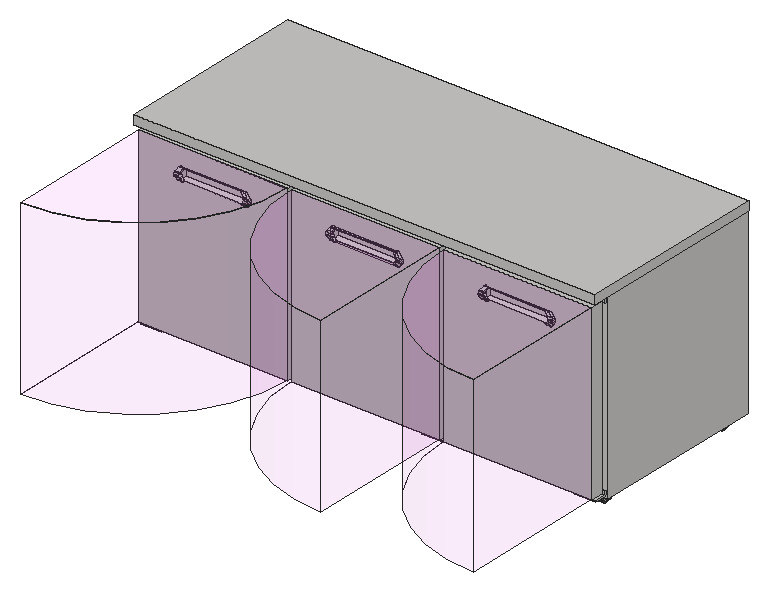
Revit family "Qf_Kelvinator_738334_KCHUC72R-32_2-Door_Under_Counter_Refrigerator_72_Long_32.5_Tall", category Specialty Equipment, Revit 2021
Family settings
  Round Connector Dimension = Use Diameter
  Part Type = Normal
  Work Plane-Based = No
  Always vertical = Yes
  Cut with Voids When Loaded = No
  Shared = No
  Room Calculation Point = No
Parameters
  Weight in Pounds = 255.736
  Watts = if(Phase = 3, Volts * FL Amps * 1.73, Volts * FL Amps)  # 402.5 W
  Volts = 115 V
  URL Cutsheet = ""
  Specification by User = ""
  Specification by Manufacturer = ""
  Show Clearance [instance] = yes
  Serial Number = ""
  Seismic Rating = ""
  SMACNA No = ""
  Revision Code = ""
  Refrigerant Type = "R290"
  Phase = 1
  Number of Poles = 1
  NAFEM Spec ID Number = ""
  Model = "738334 (KCHUC72R-32)"
  Min Ckt Ampacity = 0 A
  Max Overcurrent Protection = 0 A
  Masterspec = ""
  Manufacturer = "Kelvinator Commercial"
  Length = 71 3/4"
  Item Number = "738334"
  Installed By = ""
  Identify Quantity as Lot = yes
  Height = 32 1/16"
  HP = "1/5"
  Furnished By = ""
  Foodservice Equipment Identifier = yes
  FL Amps = 3.5 A
  Electrical Remarks = ""
  Electric Connection Type = ""
  Elec Conn RI Height = 0"
  Elec Conn Connection Height = 0"
  Description = "2-Door Under Counter Refrigerator 72\" Long 32.5\" Tall"
  Depth = 29 15/16"
  Default Elevation = 0"
  Cycle = 60 Hz
  Conn Plug = "5-15P"
  Conn Conduit = yes
  CSI MasterFormat = ""
  Apparent Power = if(Phase = 3, Volts * FL Amps * 1.73, Volts * FL Amps)  # 402.5 VA
Reference planes (in)
  plane 1 "BACK": y = 0
  plane 2: z = 0
  plane 3 "LEFT": x = 0
  plane 4 "RIGHT": x = 71.73228
  plane 5 "FRONT": y = -29.92126
  plane 6 "TOP": z = 32.0625
  plane 7 "Center Y": x = 35.86614
  plane 8 "Center X": y = -14.96063
  plane 9 "Base Height": z = 2.3622
  plane 10: x = 67.79528
  plane 11: x = 71.75
  plane 12: y = -29.9375
  plane 13: z = 32.0625
Forms (in)
  Extrusion 1, solid, material "QF_Metal - Stainless - Polished"
    sketch origin (0, 0, 32.0625) x (-1, 0, 0) y (0, -1, 0)
      loop
        line (0, 0) -> (0, 29.9375) -> (-71.75, 29.9375) -> (-71.75, 0) -> (0, 0)
    from 0 to -1.37795
  Extrusion 2, solid, material "QF_Metal - Stainless - Polished"
    sketch origin (71.75, 0, 32.0625) x (0, -1, 0) y (0, 0, -1)
      loop
        line (0, 1.37795) -> (27.19734, 1.37795) -> (27.19734, 29.72441) -> (11.81102, 29.72441) -> (11.81102, 20.19685) -> (0, 20.19685) -> (0, 1.37795)
    from -2.30315 to -69.42913
  Extrusion 3, solid, material "QF_Metal - Stainless - Polished"
    sketch origin (0, 0, 0) x (1, 0, 0) y (0, 0, 1)
      loop
        line (2.30315, 2.3622) -> (2.30315, 30.68455) -> (0.09843, 30.68455) -> (0.09843, 2.3622) -> (2.30315, 2.3622)
      loop
        line (71.63386, 30.68455) -> (69.42913, 30.68455) -> (69.42913, 2.3622) -> (71.63386, 2.3622) -> (71.63386, 30.68455)
    from 0 to 27.1811
  Extrusion 4, solid, material "QF_Metal - Stainless - Polished"
    sketch origin (0, 0, 0) x (0, 1, 0) y (0, 0, 1)
      loop
        arc (-27.1811, 30.18848) -> (-27.23876, 30.32768) -> (-27.37795, 30.38533) r 0.19685
        line (-27.37795, 30.38533) -> (-29.08661, 30.38533) -> (-29.08661, 30.26722) -> (-27.29921, 30.26722) -> (-27.29921, 29.6373) -> (-27.1811, 29.6373) -> (-27.1811, 30.18848)
    from 0.45276 to 3.75984
  Extrusion 5, solid, material "QF_Metal - Stainless - Polished"
    sketch origin (0, -27.1811, 0) x (1, 0, 0) y (0, 0, 1)
      loop
        line (23.75591, 29.93652) -> (0.61024, 29.93652) -> (0.61024, 3.16929) -> (23.75591, 3.16929) -> (23.75591, 29.93652)
      loop
        line (48.01181, 29.93652) -> (48.01181, 3.16929) -> (71.12205, 3.16929) -> (71.12205, 29.93652) -> (48.01181, 29.93652)
      loop
        line (24.31102, 29.93652) -> (24.31102, 3.16929) -> (47.42126, 3.16929) -> (47.42126, 29.93652) -> (24.31102, 29.93652)
    from 0.61024 to 2.3937
  Revolve 6, solid, material "QF_Metal - Stainless - Polished"
    sketch origin (1.20079, -180, 31.37695) x (0, 0, 1) y (0, -1, 0)
      loop
        line (-1.44043, -151.31693) -> (-1.44043, -151.45472) -> (-0.99161, -151.45472)
        arc (-0.99161, -151.45472) -> (-0.95643, -151.44015) -> (-0.94186, -151.40497) r 0.04975
        line (-0.94186, -151.40497) -> (-0.94186, -151.31693) -> (-1.44043, -151.31693)
      axis (-0.94186, -151.31693) -> (-1.44043, -151.31693)
    angle from 0 to 360
  Extrusion 7, solid, material "QF_Metal - Stainless - Polished"
    sketch origin (71.73228, 0, 0) x (0, 1, 0) y (0, 0, -1)
      loop
        line (-27.1811, -30.18848) -> (-27.1811, -29.6373) -> (-27.29921, -29.6373) -> (-27.29921, -30.26722) -> (-29.08661, -30.26722) -> (-29.08661, -30.38533) -> (-27.37795, -30.38533)
        arc (-27.37795, -30.38533) -> (-27.23876, -30.32768) -> (-27.1811, -30.18848) r 0.19685
    from 0.45276 to 3.75984
  Revolve 8, solid, material "QF_Metal - Stainless - Polished"
    sketch origin (70.5315, -180, 31.37695) x (0, 0, 1) y (0, 1, 0)
      loop
        line (-1.44043, 151.31693) -> (-0.94186, 151.31693) -> (-0.94186, 151.40497)
        arc (-0.94186, 151.40497) -> (-0.95643, 151.44015) -> (-0.99161, 151.45472) r 0.04975
        line (-0.99161, 151.45472) -> (-1.44043, 151.45472) -> (-1.44043, 151.31693)
      axis (-0.94186, 151.31693) -> (-1.44043, 151.31693)
    angle from 0 to 360
  Extrusion 9, solid, material "QF_Metal - Stainless - Polished"
    sketch origin (0, 0, 33.12992) x (0, 1, 0) y (0, 0, 1)
      loop
        line (-27.1811, -30.2126) -> (-27.1811, -29.66142) -> (-27.29921, -29.66142) -> (-27.29921, -30.29134) -> (-29.08661, -30.29134) -> (-29.08661, -30.40945) -> (-27.37795, -30.40945)
        arc (-27.37795, -30.40945) -> (-27.23876, -30.35179) -> (-27.1811, -30.2126) r 0.19685
    from 0.45276 to 3.75984
  Revolve 10, solid, material "QF_Metal - Stainless - Polished"
    sketch origin (1.20079, -180, 1.75298) x (0, 0, -1) y (0, 1, 0)
      loop
        line (-1.41632, 151.31693) -> (-0.91774, 151.31693) -> (-0.91774, 151.40497)
        arc (-0.91774, 151.40497) -> (-0.93232, 151.44015) -> (-0.9675, 151.45472) r 0.04975
        line (-0.9675, 151.45472) -> (-1.41632, 151.45472) -> (-1.41632, 151.31693)
      axis (-0.91774, 151.31693) -> (-1.41632, 151.31693)
    angle from 0 to 360
  Extrusion 11, solid, material "QF_Metal - Stainless - Polished"
    sketch origin (71.73228, 0, 33.12992) x (0, 1, 0) y (0, 0, -1)
      loop
        arc (-27.1811, 30.2126) -> (-27.23876, 30.35179) -> (-27.37795, 30.40945) r 0.19685
        line (-27.37795, 30.40945) -> (-29.08661, 30.40945) -> (-29.08661, 30.29134) -> (-27.29921, 30.29134) -> (-27.29921, 29.66142) -> (-27.1811, 29.66142) -> (-27.1811, 30.2126)
    from 0.45276 to 3.75984
  Revolve 12, solid, material "QF_Metal - Stainless - Polished"
    sketch origin (70.5315, -180, 1.75298) x (0, 0, -1) y (0, -1, 0)
      loop
        line (-1.41632, -151.31693) -> (-1.41632, -151.45472) -> (-0.9675, -151.45472)
        arc (-0.9675, -151.45472) -> (-0.93232, -151.44015) -> (-0.91774, -151.40497) r 0.04975
        line (-0.91774, -151.40497) -> (-0.91774, -151.31693) -> (-1.41632, -151.31693)
      axis (-0.91774, -151.31693) -> (-1.41632, -151.31693)
    angle from 0 to 360
  Extrusion 13, void
    sketch origin (0.61024, -27.1811, 3.16929) x (0, 0, 1) y (0, 1, 0)
      loop
        line (23.96457, -2.3937) -> (24.64805, -2.07499) -> (24.64805, -1.51358) -> (22.3486, -1.51358) -> (22.11277, -2.3937) -> (22.11277, -2.89858) -> (23.96457, -2.89858) -> (23.96457, -2.3937)
    from -6.5331 to -16.61114
  Extrusion 14, solid, material "QF_Metal - Stainless - Polished"
    sketch origin (0.61024, -27.1811, 3.16929) x (0, 0, 1) y (0, 1, 0)
      loop
        arc (23.19749, -2.88583) -> (23.3123, -2.87427) -> (23.4225, -2.84005) r 0.57588
        line (23.4225, -2.84005) -> (23.98155, -2.60275)
        arc (23.98155, -2.60275) -> (24.01481, -2.5711) -> (24.02707, -2.52684) r 0.08605
        line (24.02707, -2.52684) -> (24.02707, -2.3937) -> (22.05856, -2.3937) -> (22.05856, -2.52684)
        arc (22.05856, -2.52684) -> (22.07082, -2.5711) -> (22.10408, -2.60275) r 0.08605
        line (22.10408, -2.60275) -> (22.66311, -2.84004)
        arc (22.66311, -2.84004) -> (22.77333, -2.87426) -> (22.88816, -2.88583) r 0.57598
        line (22.88816, -2.88583) -> (23.19749, -2.88583)
    from -5.68415 to -17.49886
  Extrusion 15, void
    sketch origin (0, -29.5748, 0) x (1, 0, 0) y (0, 0, 1)
      loop
        line (64.98006, 25.27474) -> (65.27224, 25.7234)
        arc (65.27224, 25.7234) -> (65.32206, 25.83769) -> (65.33189, 25.96198) r 0.37698
        line (65.33189, 25.96198) -> (65.30853, 26.22889)
        arc (65.30853, 26.22889) -> (65.28845, 26.31948) -> (65.24561, 26.40178) r 0.35543
        line (65.24561, 26.40178) -> (64.74531, 27.11627)
        arc (64.74531, 27.11627) -> (64.67819, 27.17514) -> (64.59147, 27.19636) r 0.1878
        line (64.59147, 27.19636) -> (54.50695, 27.19636)
        arc (54.50695, 27.19636) -> (54.42023, 27.17514) -> (54.35312, 27.11628) r 0.1878
        line (54.35312, 27.11628) -> (53.85282, 26.40178)
        arc (53.85282, 26.40178) -> (53.80997, 26.31948) -> (53.78989, 26.22889) r 0.35543
        line (53.78989, 26.22889) -> (53.76654, 25.96198)
        arc (53.76654, 25.96198) -> (53.77636, 25.83769) -> (53.82619, 25.7234) r 0.37698
        line (53.82619, 25.7234) -> (54.11837, 25.27474)
        arc (54.11837, 25.27474) -> (54.15567, 25.24033) -> (54.20485, 25.22785) r 0.10321
        line (54.20485, 25.22785) -> (54.93668, 25.22785)
        arc (54.93668, 25.22785) -> (54.96613, 25.24539) -> (54.96475, 25.27963) r 0.0335
        line (54.96475, 25.27963) -> (54.60199, 25.83666)
        arc (54.60199, 25.83666) -> (54.53416, 25.98342) -> (54.51091, 26.14341) r 0.5621
        line (54.51091, 26.14341) -> (54.51091, 26.26603)
        arc (54.51091, 26.26603) -> (54.5262, 26.36539) -> (54.57067, 26.45557) r 0.33045
        line (54.57067, 26.45557) -> (54.98338, 27.04498)
        arc (54.98338, 27.04498) -> (55.05374, 27.10668) -> (55.14463, 27.12892) r 0.19685
        line (55.14463, 27.12892) -> (63.95379, 27.12892)
        arc (63.95379, 27.12892) -> (64.04469, 27.10668) -> (64.11504, 27.04498) r 0.19685
        line (64.11504, 27.04498) -> (64.52775, 26.45557)
        arc (64.52775, 26.45557) -> (64.57222, 26.36539) -> (64.58752, 26.26603) r 0.33045
        line (64.58752, 26.26603) -> (64.58752, 26.14341)
        arc (64.58752, 26.14341) -> (64.56427, 25.98342) -> (64.49644, 25.83666) r 0.5621
        line (64.49644, 25.83666) -> (64.13368, 25.27963)
        arc (64.13368, 25.27963) -> (64.1323, 25.24539) -> (64.16174, 25.22785) r 0.0335
        line (64.16174, 25.22785) -> (64.89357, 25.22785)
        arc (64.89357, 25.22785) -> (64.94276, 25.24033) -> (64.98006, 25.27474) r 0.10321
      loop
        line (65.69973, 27.68437) -> (53.41592, 27.68437) -> (53.41592, 24.80641) -> (65.69973, 24.80641) -> (65.69973, 27.68437)
      loop
        arc (6.75223, 25.27474) -> (6.78952, 25.24033) -> (6.83871, 25.22785) r 0.10321
        line (6.83871, 25.22785) -> (7.57054, 25.22785)
        arc (7.57054, 25.22785) -> (7.59999, 25.24539) -> (7.59861, 25.27963) r 0.0335
        line (7.59861, 25.27963) -> (7.23584, 25.83666)
        arc (7.23584, 25.83666) -> (7.16802, 25.98342) -> (7.14477, 26.14341) r 0.5621
        line (7.14477, 26.14341) -> (7.14477, 26.26603)
        arc (7.14477, 26.26603) -> (7.16006, 26.36539) -> (7.20453, 26.45557) r 0.33045
        line (7.20453, 26.45557) -> (7.61724, 27.04498)
        arc (7.61724, 27.04498) -> (7.6876, 27.10668) -> (7.77849, 27.12892) r 0.19685
        line (7.77849, 27.12892) -> (16.58765, 27.12892)
        arc (16.58765, 27.12892) -> (16.67855, 27.10668) -> (16.7489, 27.04498) r 0.19685
        line (16.7489, 27.04498) -> (17.16161, 26.45557)
        arc (17.16161, 26.45557) -> (17.20608, 26.36539) -> (17.22137, 26.26603) r 0.33045
        line (17.22137, 26.26603) -> (17.22137, 26.14341)
        arc (17.22137, 26.14341) -> (17.19812, 25.98342) -> (17.1303, 25.83666) r 0.5621
        line (17.1303, 25.83666) -> (16.76753, 25.27963)
        arc (16.76753, 25.27963) -> (16.76616, 25.24539) -> (16.7956, 25.22785) r 0.0335
        line (16.7956, 25.22785) -> (17.52743, 25.22785)
        arc (17.52743, 25.22785) -> (17.57662, 25.24033) -> (17.61391, 25.27474) r 0.10321
        line (17.61391, 25.27474) -> (17.9061, 25.7234)
        arc (17.9061, 25.7234) -> (17.95592, 25.83769) -> (17.96574, 25.96198) r 0.37698
        line (17.96574, 25.96198) -> (17.94239, 26.22889)
        arc (17.94239, 26.22889) -> (17.92231, 26.31948) -> (17.87947, 26.40178) r 0.35543
        line (17.87947, 26.40178) -> (17.37917, 27.11628)
        arc (17.37917, 27.11628) -> (17.31205, 27.17514) -> (17.22534, 27.19636) r 0.1878
        line (17.22534, 27.19636) -> (7.14081, 27.19636)
        arc (7.14081, 27.19636) -> (7.05409, 27.17514) -> (6.98697, 27.11627) r 0.1878
        line (6.98697, 27.11627) -> (6.48668, 26.40178)
        arc (6.48668, 26.40178) -> (6.44383, 26.31948) -> (6.42375, 26.22889) r 0.35543
        line (6.42375, 26.22889) -> (6.4004, 25.96198)
        arc (6.4004, 25.96198) -> (6.41022, 25.83769) -> (6.46004, 25.7234) r 0.37698
        line (6.46004, 25.7234) -> (6.75223, 25.27474)
      loop
        line (6.03255, 27.68437) -> (6.03255, 24.80641) -> (18.31637, 24.80641) -> (18.31637, 27.68437) -> (6.03255, 27.68437)
      loop
        line (41.28837, 25.27474) -> (41.58055, 25.7234)
        arc (41.58055, 25.7234) -> (41.63038, 25.83769) -> (41.6402, 25.96198) r 0.37698
        line (41.6402, 25.96198) -> (41.61685, 26.22889)
        arc (41.61685, 26.22889) -> (41.59677, 26.31948) -> (41.55392, 26.40178) r 0.35543
        line (41.55392, 26.40178) -> (41.05363, 27.11627)
        arc (41.05363, 27.11627) -> (40.98651, 27.17514) -> (40.89979, 27.19636) r 0.1878
        line (40.89979, 27.19636) -> (30.81526, 27.19636)
        arc (30.81526, 27.19636) -> (30.72855, 27.17514) -> (30.66143, 27.11628) r 0.1878
        line (30.66143, 27.11628) -> (30.16113, 26.40178)
        arc (30.16113, 26.40178) -> (30.11829, 26.31948) -> (30.09821, 26.22889) r 0.35543
        line (30.09821, 26.22889) -> (30.07485, 25.96198)
        arc (30.07485, 25.96198) -> (30.08468, 25.83769) -> (30.1345, 25.7234) r 0.37698
        line (30.1345, 25.7234) -> (30.42669, 25.27474)
        arc (30.42669, 25.27474) -> (30.46398, 25.24033) -> (30.51317, 25.22785) r 0.10321
        line (30.51317, 25.22785) -> (31.245, 25.22785)
        arc (31.245, 25.22785) -> (31.27444, 25.24539) -> (31.27306, 25.27963) r 0.0335
        line (31.27306, 25.27963) -> (30.9103, 25.83666)
        arc (30.9103, 25.83666) -> (30.84247, 25.98342) -> (30.81922, 26.14341) r 0.5621
        line (30.81922, 26.14341) -> (30.81922, 26.26603)
        arc (30.81922, 26.26603) -> (30.83452, 26.36539) -> (30.87899, 26.45557) r 0.33045
        line (30.87899, 26.45557) -> (31.2917, 27.04498)
        arc (31.2917, 27.04498) -> (31.36205, 27.10668) -> (31.45295, 27.12892) r 0.19685
        line (31.45295, 27.12892) -> (40.26211, 27.12892)
        arc (40.26211, 27.12892) -> (40.353, 27.10668) -> (40.42336, 27.04498) r 0.19685
        line (40.42336, 27.04498) -> (40.83607, 26.45557)
        arc (40.83607, 26.45557) -> (40.88054, 26.36539) -> (40.89583, 26.26603) r 0.33045
        line (40.89583, 26.26603) -> (40.89583, 26.14341)
        arc (40.89583, 26.14341) -> (40.87258, 25.98342) -> (40.80476, 25.83666) r 0.5621
        line (40.80476, 25.83666) -> (40.44199, 25.27963)
        arc (40.44199, 25.27963) -> (40.44061, 25.24539) -> (40.47006, 25.22785) r 0.0335
        line (40.47006, 25.22785) -> (41.20189, 25.22785)
        arc (41.20189, 25.22785) -> (41.25108, 25.24033) -> (41.28837, 25.27474) r 0.10321
      loop
        line (42.00805, 27.68437) -> (29.72423, 27.68437) -> (29.72423, 24.80641) -> (42.00805, 24.80641) -> (42.00805, 27.68437)
    from 0 to 0.84096
  Extrusion 16, void
    sketch origin (35.80709, -27.1811, 30.40945) x (0, 0, 1) y (0, -1, 0)
      loop
        line (-3.27559, 2.3937) -> (-3.27559, 2.89858) -> (-5.12739, 2.89858) -> (-5.12739, 2.3937) -> (-4.89156, 1.51358) -> (-2.59211, 1.51358) -> (-2.59211, 2.07499) -> (-3.27559, 2.3937)
    from 28.78043 to 18.70382
  Extrusion 17, solid, material "QF_Metal - Stainless - Polished"
    sketch origin (71.12205, -27.1811, 3.16929) x (0, 0, 1) y (0, -1, 0)
      loop
        line (23.98155, 2.60275) -> (23.4225, 2.84005)
        arc (23.4225, 2.84005) -> (23.3123, 2.87427) -> (23.19749, 2.88583) r 0.57588
        line (23.19749, 2.88583) -> (22.88816, 2.88583)
        arc (22.88816, 2.88583) -> (22.77333, 2.87426) -> (22.66311, 2.84004) r 0.57598
        line (22.66311, 2.84004) -> (22.10408, 2.60275)
        arc (22.10408, 2.60275) -> (22.07082, 2.5711) -> (22.05856, 2.52684) r 0.08605
        line (22.05856, 2.52684) -> (22.05856, 2.3937) -> (24.02707, 2.3937) -> (24.02707, 2.52684)
        arc (24.02707, 2.52684) -> (24.01481, 2.5711) -> (23.98155, 2.60275) r 0.08605
    from -5.61176 to -17.51721
  Extrusion 18, solid, material "QF_Metal - Stainless - Polished"
    sketch origin (0.09843, 0, 2.3622) x (0, 0, 1) y (0, 1, 0)
      loop
        line (0, -11.81102) -> (0, 0) -> (-0.70866, 0) -> (-0.70866, -0.31496) -> (-0.64961, -0.31496) -> (-0.64961, -0.05906) -> (-0.05906, -0.05906) -> (-0.05906, -11.75197) -> (-0.64961, -11.75197) -> (-0.64961, -11.49606) -> (-0.70866, -11.49606) -> (-0.70866, -11.81102) -> (0, -11.81102)
      loop
        line (0, -27.02362) -> (0, -21.82677) -> (-0.70866, -21.82677) -> (-0.70866, -22.14173) -> (-0.64961, -22.14173) -> (-0.64961, -21.88583) -> (-0.05906, -21.88583) -> (-0.05906, -27.02362) -> (0, -27.02362)
    from -0.94882 to -70.52362
  Extrusion 19, solid, material "QF_Metal - Stainless - Polished"
    sketch origin (0, 0, 0) x (-1, 0, 0) y (0, 0, 1)
      loop
        line (-2.30315, 11.88976) -> (-69.42913, 11.88976) -> (-69.42913, 2.3622) -> (-2.30315, 2.3622) -> (-2.30315, 11.88976)
    from 0 to -0.0626
  Extrusion 20, solid, material "QF_Rubber - Black - Smooth"
    sketch origin (0, 0, 0) x (-1, 0, 0) y (0, 0, 1)
      loop
        circle (-67.79528, 10.77165) r 0.25
    from 0 to 0.0626
  Extrusion 21, solid, material "QF_Clearances_Door_Drawer", visible <- "Show Clearance"
    sketch origin (31.00394, -27.1811, 3.16929) x (0, -1, 0) y (-1, 0, 0)
      loop
        line (2.3937, -17.00787) -> (2.3937, -40.11811) -> (25.50394, -40.11811)
        arc (25.50394, -40.11811) -> (18.73511, -23.77671) -> (2.3937, -17.00787) r 23.11024
      loop
        line (2.3937, 6.69291) -> (2.3937, -16.41732) -> (25.50394, -16.41732)
        arc (25.50394, -16.41732) -> (18.73511, -0.07592) -> (2.3937, 6.69291) r 23.11024
      loop
        arc (2.3937, 7.24803) -> (18.76016, 14.02724) -> (25.53937, 30.3937) r 23.14567
        line (25.53937, 30.3937) -> (2.3937, 30.3937) -> (2.3937, 7.24803)
    from 0 to -26.79134
  Extrusion 22, solid, material "QF_Rubber - Black - Smooth"
    sketch origin (0, -27.79134, 0) x (-1, 0, 0) y (0, 0, 1)
      loop
        line (-1.11024, 29.43652) -> (-23.25591, 29.43652) -> (-23.25591, 3.66929) -> (-1.11024, 3.66929) -> (-1.11024, 29.43652)
      loop
        line (-70.62205, 29.43652) -> (-70.62205, 3.66929) -> (-48.51181, 3.66929) -> (-48.51181, 29.43652) -> (-70.62205, 29.43652)
      loop
        line (-46.92126, 29.43652) -> (-46.92126, 3.66929) -> (-24.81102, 3.66929) -> (-24.81102, 29.43652) -> (-46.92126, 29.43652)
    from 0 to 0.61024
  Extrusion 23, solid, material "QF_Metal - Stainless - Polished"
    sketch origin (48.0315, 0, 0) x (0, 1, 0) y (0, 0, -1)
      loop
        line (-27.1811, -30.18848) -> (-27.1811, -29.6373) -> (-27.29921, -29.6373) -> (-27.29921, -30.26722) -> (-29.08661, -30.26722) -> (-29.08661, -30.38533) -> (-27.37795, -30.38533)
        arc (-27.37795, -30.38533) -> (-27.23876, -30.32768) -> (-27.1811, -30.18848) r 0.19685
    from 0.45276 to 3.75984
  Revolve 24, solid, material "QF_Metal - Stainless - Polished"
    sketch origin (46.83071, -180, 31.37695) x (0, 0, 1) y (0, 1, 0)
      loop
        line (-1.44043, 151.31693) -> (-0.94186, 151.31693) -> (-0.94186, 151.40497)
        arc (-0.94186, 151.40497) -> (-0.95643, 151.44015) -> (-0.99161, 151.45472) r 0.04975
        line (-0.99161, 151.45472) -> (-1.44043, 151.45472) -> (-1.44043, 151.31693)
      axis (-0.94186, 151.31693) -> (-1.44043, 151.31693)
    angle from 0 to 360
  Extrusion 25, solid, material "QF_Metal - Stainless - Polished"
    sketch origin (48.0315, 0, 33.12992) x (0, 1, 0) y (0, 0, -1)
      loop
        arc (-27.1811, 30.2126) -> (-27.23876, 30.35179) -> (-27.37795, 30.40945) r 0.19685
        line (-27.37795, 30.40945) -> (-29.08661, 30.40945) -> (-29.08661, 30.29134) -> (-27.29921, 30.29134) -> (-27.29921, 29.66142) -> (-27.1811, 29.66142) -> (-27.1811, 30.2126)
    from 0.45276 to 3.75984
  Revolve 26, solid, material "QF_Metal - Stainless - Polished"
    sketch origin (46.83071, -180, 1.75298) x (0, 0, -1) y (0, -1, 0)
      loop
        line (-1.41632, -151.31693) -> (-1.41632, -151.45472) -> (-0.9675, -151.45472)
        arc (-0.9675, -151.45472) -> (-0.93232, -151.44015) -> (-0.91774, -151.40497) r 0.04975
        line (-0.91774, -151.40497) -> (-0.91774, -151.31693) -> (-1.41632, -151.31693)
      axis (-0.91774, -151.31693) -> (-1.41632, -151.31693)
    angle from 0 to 360
  Extrusion 27, void
    sketch origin (12.12402, -27.1811, 30.40945) x (0, 0, 1) y (0, -1, 0)
      loop
        line (-3.27559, 2.3937) -> (-3.27559, 2.89858) -> (-5.12739, 2.89858) -> (-5.12739, 2.3937) -> (-4.89156, 1.51358) -> (-2.59211, 1.51358) -> (-2.59211, 2.07499) -> (-3.27559, 2.3937)
    from 28.78043 to 18.70382
  Extrusion 28, solid, material "QF_Metal - Stainless - Polished"
    sketch origin (71.12205, -27.1811, 3.16929) x (0, 0, 1) y (0, -1, 0)
      loop
        line (23.98155, 2.60275) -> (23.4225, 2.84005)
        arc (23.4225, 2.84005) -> (23.3123, 2.87427) -> (23.19749, 2.88583) r 0.57588
        line (23.19749, 2.88583) -> (22.88816, 2.88583)
        arc (22.88816, 2.88583) -> (22.77333, 2.87426) -> (22.66311, 2.84004) r 0.57598
        line (22.66311, 2.84004) -> (22.10408, 2.60275)
        arc (22.10408, 2.60275) -> (22.07082, 2.5711) -> (22.05856, 2.52684) r 0.08605
        line (22.05856, 2.52684) -> (22.05856, 2.3937) -> (24.02707, 2.3937) -> (24.02707, 2.52684)
        arc (24.02707, 2.52684) -> (24.01481, 2.5711) -> (23.98155, 2.60275) r 0.08605
    from -29.33395 to -41.22164
Cuts and joins
  joined: Extrusion 2, Extrusion 3
  Extrusion 15, Extrusion 27 cuts Extrusion 17
  Extrusion 15 cuts Extrusion 14
  Extrusion 13, Extrusion 16, Extrusion 27 cuts Extrusion 5
  Extrusion 27 cuts Extrusion 21
  Extrusion 15 cuts Extrusion 28
Lines and regions (in)
  symbolic lines
    curve 1: line (0, 0, 32.0625) -> (71.75, 0, 32.0625)
    curve 2: line (0, -29.9375, 32.0625) -> (0, 0, 32.0625)
    curve 3: line (71.75, -29.9375, 32.0625) -> (0, -29.9375, 32.0625)
    curve 4: line (71.75, 0, 32.0625) -> (71.75, -29.9375, 32.0625)
  symbolic lines, style "QF_Clearances_Door_Drawer", visible <- "Show Clearance"
    curve 5: line (70.81984, -29.9375, 32.0625) -> (51.18999, -41.2708, 32.0625)
    curve 6: arc (51.18999, -41.2708, 32.0625) -> (48.86875, -35.80968, 32.0625) -> (48.01466, -29.9375, 32.0625) r 23.11024
    curve 7: line (0.91245, -29.9375, 32.0625) -> (20.57298, -41.28851, 32.0625)
    curve 8: arc (20.57298, -41.28851, 32.0625) -> (22.89776, -35.81885, 32.0625) -> (23.75306, -29.9375, 32.0625) r 23.14567
    curve 9: line (47.11905, -29.9375, 32.0625) -> (27.48921, -41.2708, 32.0625)
    curve 10: arc (27.48921, -41.2708, 32.0625) -> (25.16796, -35.80968, 32.0625) -> (24.31387, -29.9375, 32.0625) r 23.11024
Dimensions and locks (in)
  equal spacing: plane 3 "LEFT", plane 7 "Center Y", plane 4 "RIGHT"
  plane 3 "LEFT" to plane 4 "RIGHT" = 71.73228"
  equal spacing: plane 5 "FRONT", plane 8 "Center X", plane 1 "BACK"
  plane 5 "FRONT" to plane 1 "BACK" = 29.92126"
  plane 6 "TOP" to level = 32 1/16"
  plane 9 "Base Height" to level = 2.3622"
  plane 6 "TOP" to plane 9 "Base Height" = 29.7003"
  plane 10 to plane 4 "RIGHT" = 3.93701"
  plane 3 "LEFT" to plane 11 = 71 3/4"
  plane 1 "BACK" to plane 12 = 29 15/16"
  plane 13 to level = 32 1/16"
  aligned and locked: level to plane 2
Automatic sketch dimensions
  plane 1 "BACK" to Extrusion 1 sketch curve = 0"
  Extrusion 1 sketch curve to plane 4 "RIGHT" = 0.01772"
  Extrusion 1 sketch curve to plane 3 "LEFT" = 0"
  plane 5 "FRONT" to Extrusion 1 sketch curve = 0.01624"
  Extrusion 2 sketch curve to Extrusion 1 = 0"  (x2)
  Extrusion 1 to Extrusion 2 sketch curve = 11.81102"
  Extrusion 1 to Extrusion 2 sketch curve = 2.74016"
  Extrusion 2 sketch curve to Extrusion 1 = 18.8189"
  Extrusion 2 sketch curve to Extrusion 2 sketch curve = 9.52756"
  Extrusion 3 sketch curve to plane 9 "Base Height" = 0"  (x2)
  plane 3 "LEFT" to Extrusion 3 sketch curve = 0.09843"
  Extrusion 3 sketch curve to Extrusion 3 sketch curve = 2.20472"
  plane 10 to Extrusion 3 sketch curve = 1.63386"
  plane 4 "RIGHT" to Extrusion 3 sketch curve = 0.09843"
  Extrusion 3 sketch curve to plane 6 "TOP" = 1.37795"  (x2)
  Extrusion 4 sketch curve to plane 5 "FRONT" = 0.83465"
  Extrusion 4 sketch curve to Extrusion 4 sketch curve = 1.70866"
  Extrusion 4 sketch curve to Extrusion 4 sketch curve = 0.07874"
  Extrusion 4 sketch curve to Extrusion 4 sketch curve = 0.11811"  (x2)
  Extrusion 4 sketch curve to plane 6 "TOP" = 2.4252"
  Extrusion 4 sketch curve to Extrusion 4 sketch curve = 0.55118"
  Extrusion 5 sketch curve to Extrusion 3 = 0.51181"  (x2)
  Extrusion 5 sketch curve to Extrusion 3 = 0.74803"  (x2)
  Extrusion 3 to Extrusion 5 sketch curve = 21.45276"
  Extrusion 5 sketch curve to Extrusion 5 sketch curve = 0.55512"
  Extrusion 3 to Extrusion 5 sketch curve = 22.00787"
  Extrusion 5 sketch curve to Extrusion 5 sketch curve = 0.59055"
  Extrusion 5 sketch curve to Extrusion 5 sketch curve = 0"  (x2)
  Extrusion 5 sketch curve to Extrusion 3 = 0.80709"  (x2)
  Revolve 6 sketch curve to plane 6 "TOP" = 2.12598"
  Revolve 6 sketch curve to Revolve 6 sketch curve = 0.44882"
  Revolve 6 sketch curve to Revolve 6 sketch curve = 0.04975"
  Revolve 6 sketch curve to plane 5 "FRONT" = 1.37598"
  Revolve 6 sketch curve to Revolve 6 sketch curve = 0.1378"
  Revolve 6 sketch curve to Revolve 6 sketch curve = 0.68421"
  Revolve 6 sketch curve to Revolve 6 sketch curve = 0"  (x2)
  Extrusion 7 sketch curve to plane 5 "FRONT" = 0.83465"
  Extrusion 7 sketch curve to Extrusion 7 sketch curve = 1.70866"
  Extrusion 7 sketch curve to Extrusion 7 sketch curve = 0.07874"  (x2)
  Extrusion 7 sketch curve to Extrusion 7 sketch curve = 0.11811"
  Extrusion 7 sketch curve to plane 6 "TOP" = 1.67717"
  Extrusion 7 sketch curve to Extrusion 7 sketch curve = 0.55118"
  Revolve 8 sketch curve to plane 6 "TOP" = 2.12598"
  Revolve 8 sketch curve to Revolve 8 sketch curve = 0.44882"
  Revolve 8 sketch curve to Revolve 8 sketch curve = 0.04975"
  Revolve 8 sketch curve to plane 5 "FRONT" = 1.23819"
  Revolve 8 sketch curve to Revolve 8 sketch curve = 0.08804"
  Revolve 8 sketch curve to Revolve 8 sketch curve = 0.68421"
  Revolve 8 sketch curve to Revolve 8 sketch curve = 0"  (x2)
  Extrusion 9 sketch curve to plane 5 "FRONT" = 0.83465"
  plane 9 "Base Height" to Extrusion 9 sketch curve = 0.35827"
  Extrusion 9 sketch curve to Extrusion 9 sketch curve = 1.70866"
  Extrusion 9 sketch curve to Extrusion 9 sketch curve = 0.07874"  (x2)
  Extrusion 9 sketch curve to Extrusion 9 sketch curve = 0.11811"
  Extrusion 9 sketch curve to Extrusion 9 sketch curve = 0.55118"
  plane 9 "Base Height" to Revolve 10 sketch curve = 0.80709"
  plane 9 "Base Height" to Revolve 10 sketch curve = 0.35827"
  Revolve 10 sketch curve to Revolve 10 sketch curve = 0.04975"
  Revolve 10 sketch curve to plane 5 "FRONT" = 1.23819"
  Revolve 10 sketch curve to Revolve 10 sketch curve = 0.08804"
  Revolve 10 sketch curve to Revolve 10 sketch curve = 0.68421"
  Revolve 10 sketch curve to Revolve 10 sketch curve = 0"  (x2)
  Extrusion 11 sketch curve to plane 5 "FRONT" = 0.83465"
  plane 9 "Base Height" to Extrusion 11 sketch curve = 0.35827"
  Extrusion 11 sketch curve to Extrusion 11 sketch curve = 1.70866"
  Extrusion 11 sketch curve to Extrusion 11 sketch curve = 0.07874"
  Extrusion 11 sketch curve to Extrusion 11 sketch curve = 0.11811"  (x2)
  Extrusion 11 sketch curve to Extrusion 11 sketch curve = 0.55118"
  plane 9 "Base Height" to Revolve 12 sketch curve = 0.80709"
  plane 9 "Base Height" to Revolve 12 sketch curve = 0.35827"
  Revolve 12 sketch curve to Revolve 12 sketch curve = 0.04975"
  Revolve 12 sketch curve to plane 5 "FRONT" = 1.37598"
  Revolve 12 sketch curve to Revolve 12 sketch curve = 0.1378"
  Revolve 12 sketch curve to Revolve 12 sketch curve = 0.68421"
  Revolve 12 sketch curve to Revolve 12 sketch curve = 0"  (x2)
  Extrusion 13 sketch curve to Extrusion 5 = 0"  (x2)
  Extrusion 5 to Extrusion 13 sketch curve = 4.65445"
  Extrusion 13 sketch curve to Extrusion 13 sketch curve = 0.23583"
  Extrusion 13 sketch curve to Extrusion 13 sketch curve = 1.61597"
  Extrusion 5 to Extrusion 13 sketch curve = 0.31871"
  Extrusion 13 sketch curve to Extrusion 13 sketch curve = 0.68348"
  Extrusion 13 sketch curve to Extrusion 5 = 0.50488"
  Extrusion 13 sketch curve to Extrusion 13 sketch curve = 0.56141"
  Extrusion 14 sketch curve to Extrusion 5 = 0"
  Extrusion 14 sketch curve to Extrusion 5 = 0.13314"  (x2)
  Extrusion 5 to Extrusion 14 sketch curve = 4.70866"
  Extrusion 14 sketch curve to Extrusion 5 = 0.20905"  (x2)
  Extrusion 14 sketch curve to Extrusion 14 sketch curve = 0.04552"
  Extrusion 14 sketch curve to Extrusion 5 = 0.44634"
  Extrusion 14 sketch curve to Extrusion 14 sketch curve = 0.51849"
  Extrusion 14 sketch curve to Extrusion 14 sketch curve = 0.22505"
  Extrusion 14 sketch curve to Extrusion 14 sketch curve = 0.30933"
  Extrusion 14 sketch curve to Extrusion 5 = 0.44635"
  Extrusion 14 sketch curve to Extrusion 14 sketch curve = 0.22501"
  Extrusion 14 sketch curve to Extrusion 14 sketch curve = 0.51851"
  Extrusion 14 sketch curve to Extrusion 14 sketch curve = 0.04053"
  Extrusion 14 sketch curve to Extrusion 14 sketch curve = 0.04578"
  Extrusion 16 sketch curve to plane 5 "FRONT" = 0.34646"  (x2)
  Extrusion 16 sketch curve to Extrusion 16 sketch curve = 0.23583"
  Extrusion 16 sketch curve to plane 5 "FRONT" = 0.66517"
  Extrusion 16 sketch curve to Extrusion 16 sketch curve = 0.88012"
  plane 5 "FRONT" to Extrusion 16 sketch curve = 0.15842"
  Extrusion 17 sketch curve to Extrusion 5 = 0"
  Extrusion 17 sketch curve to Extrusion 5 = 4.70866"
  Extrusion 17 sketch curve to Extrusion 5 = 0.20905"  (x2)
  Extrusion 17 sketch curve to Extrusion 17 sketch curve = 0.04552"
  Extrusion 17 sketch curve to Extrusion 17 sketch curve = 0.08605"
  Extrusion 17 sketch curve to Extrusion 5 = 0.44634"
  Extrusion 17 sketch curve to Extrusion 17 sketch curve = 0.51849"
  Extrusion 17 sketch curve to Extrusion 17 sketch curve = 0.22505"
  Extrusion 5 to Extrusion 17 sketch curve = 0.08375"
  Extrusion 17 sketch curve to Extrusion 17 sketch curve = 0.30933"
  Extrusion 17 sketch curve to Extrusion 5 = 0.44635"
  Extrusion 17 sketch curve to Extrusion 17 sketch curve = 0.22501"
  Extrusion 17 sketch curve to Extrusion 5 = 0.13314"
  Extrusion 17 sketch curve to Extrusion 17 sketch curve = 0.51851"
  Extrusion 17 sketch curve to Extrusion 17 sketch curve = 0.04053"
  Extrusion 18 sketch curve to Extrusion 3 = 0"  (x3)
  Extrusion 18 sketch curve to Extrusion 3 = 0.05906"  (x2)
  Extrusion 3 to Extrusion 18 sketch curve = 0.31496"
  Extrusion 18 sketch curve to Extrusion 18 sketch curve = 0.59055"  (x3)
  Extrusion 18 sketch curve to Extrusion 18 sketch curve = 0.05906"  (x5)
  Extrusion 18 sketch curve to Extrusion 18 sketch curve = 11.1811"
  Extrusion 18 sketch curve to Extrusion 18 sketch curve = 0.25591"  (x2)
  Extrusion 3 to Extrusion 18 sketch curve = 5.35433"
  Extrusion 3 to Extrusion 18 sketch curve = 0.15748"
  Extrusion 3 to Extrusion 18 sketch curve = 0.05906"
  Extrusion 19 sketch curve to Extrusion 3 = 0"  (x3)
  Extrusion 19 sketch curve to Extrusion 19 sketch curve = 9.52756"
  Extrusion 20 sketch curve to Extrusion 19 = 1.63386"
  Extrusion 20 sketch curve to Extrusion 19 = 1.11811"
  Extrusion 5 to Extrusion 21 sketch curve = 0"
  Extrusion 21 sketch curve to Extrusion 5 = 0"  (x4)
  Extrusion 21 sketch curve to Extrusion 5 = 0.59055"
  Extrusion 21 sketch curve to Extrusion 21 sketch curve = 23.11024"
  Extrusion 5 to Extrusion 21 sketch curve = 23.14567"
  Extrusion 21 sketch curve to Extrusion 21 sketch curve = 0.55512"
  Extrusion 22 sketch curve to Extrusion 5 = 1/2"  (x12)
  plane 1 "BACK" to curve 1 = 0"
  curve 1 to plane 4 "RIGHT" = 0.01772"
  plane 5 "FRONT" to curve 5 = 0.01624"
  curve 2 to plane 3 "LEFT" = 0"
  plane 4 "RIGHT" to curve 6 = 0.61024"
  curve 10 to plane 5 "FRONT" = 0.34646"
  curve 10 to curve 7 = 6.91623"
  plane 3 "LEFT" to curve 8 = 0.61024"
  curve 8 to plane 5 "FRONT" = 0.34646"
  curve 6 to plane 5 "FRONT" = 0.34646"
  plane 5 "FRONT" to curve 9 = 11.34954"
  plane 5 "FRONT" to curve 5 = 11.34954"
  curve 10 to curve 7 = 0.01772"
  curve 6 to curve 5 = 0.30221"
  curve 10 to curve 9 = 0.30221"
  curve 7 to curve 8 = 0.30221"
  Extrusion 23 sketch curve to plane 5 "FRONT" = 0.83465"
  Extrusion 23 sketch curve to Extrusion 23 sketch curve = 1.70866"
  Extrusion 23 sketch curve to Extrusion 23 sketch curve = 0.07874"  (x2)
  Extrusion 23 sketch curve to Extrusion 23 sketch curve = 0.11811"
  Extrusion 23 sketch curve to plane 6 "TOP" = 1.67717"
  Extrusion 23 sketch curve to Extrusion 23 sketch curve = 0.55118"
  Revolve 24 sketch curve to plane 6 "TOP" = 2.12598"
  Revolve 24 sketch curve to Revolve 24 sketch curve = 0.44882"
  Revolve 24 sketch curve to Revolve 24 sketch curve = 0.04975"
  Revolve 24 sketch curve to plane 5 "FRONT" = 1.23819"
  Revolve 24 sketch curve to Revolve 24 sketch curve = 0.08804"
  Revolve 24 sketch curve to Revolve 24 sketch curve = 0.68421"
  Revolve 24 sketch curve to Revolve 24 sketch curve = 0"  (x2)
  Extrusion 25 sketch curve to plane 5 "FRONT" = 0.83465"
  plane 9 "Base Height" to Extrusion 25 sketch curve = 0.35827"
  Extrusion 25 sketch curve to Extrusion 25 sketch curve = 1.70866"
  Extrusion 25 sketch curve to Extrusion 25 sketch curve = 0.07874"
  Extrusion 25 sketch curve to Extrusion 25 sketch curve = 0.11811"  (x2)
  Extrusion 25 sketch curve to Extrusion 25 sketch curve = 0.55118"
  plane 9 "Base Height" to Revolve 26 sketch curve = 0.80709"
  plane 9 "Base Height" to Revolve 26 sketch curve = 0.35827"
  Revolve 26 sketch curve to Revolve 26 sketch curve = 0.04975"
  Revolve 26 sketch curve to plane 5 "FRONT" = 1.37598"
  Revolve 26 sketch curve to Revolve 26 sketch curve = 0.1378"
  Revolve 26 sketch curve to Revolve 26 sketch curve = 0.68421"
  Revolve 26 sketch curve to Revolve 26 sketch curve = 0"  (x2)
  Extrusion 27 sketch curve to plane 5 "FRONT" = 0.34646"  (x2)
  Extrusion 27 sketch curve to Extrusion 27 sketch curve = 0.23583"
  Extrusion 27 sketch curve to plane 5 "FRONT" = 0.66517"
  Extrusion 27 sketch curve to Extrusion 27 sketch curve = 0.88012"
  plane 5 "FRONT" to Extrusion 27 sketch curve = 0.15842"
  Extrusion 28 sketch curve to Extrusion 5 = 0"
  Extrusion 28 sketch curve to Extrusion 5 = 4.70866"
  Extrusion 28 sketch curve to Extrusion 5 = 0.20905"  (x2)
  Extrusion 28 sketch curve to Extrusion 28 sketch curve = 0.04552"
  Extrusion 28 sketch curve to Extrusion 28 sketch curve = 0.08605"
  Extrusion 28 sketch curve to Extrusion 5 = 0.44634"
  Extrusion 28 sketch curve to Extrusion 28 sketch curve = 0.51849"
  Extrusion 28 sketch curve to Extrusion 28 sketch curve = 0.22505"
  Extrusion 5 to Extrusion 28 sketch curve = 0.08375"
  Extrusion 28 sketch curve to Extrusion 28 sketch curve = 0.30933"
  Extrusion 28 sketch curve to Extrusion 5 = 0.44635"
  Extrusion 28 sketch curve to Extrusion 28 sketch curve = 0.22501"
  Extrusion 28 sketch curve to Extrusion 5 = 0.13314"
  Extrusion 28 sketch curve to Extrusion 28 sketch curve = 0.51851"
  Extrusion 28 sketch curve to Extrusion 28 sketch curve = 0.04053"
  Extrusion 15 sketch curve to Extrusion 5 = 5.42231"
  Extrusion 15 sketch curve to Extrusion 15 sketch curve = 0.36785"
  Extrusion 15 sketch curve to Extrusion 15 sketch curve = 0.02335"  (x3)
  Extrusion 15 sketch curve to Extrusion 5 = 4.21312"  (x3)
  Extrusion 15 sketch curve to Extrusion 15 sketch curve = 0.05965"  (x6)
  Extrusion 15 sketch curve to Extrusion 5 = 3.53474"  (x6)
  Extrusion 15 sketch curve to Extrusion 15 sketch curve = 0.06293"  (x6)
  Extrusion 15 sketch curve to Extrusion 15 sketch curve = 0.29218"  (x3)
  Extrusion 15 sketch curve to Extrusion 15 sketch curve = 0.3159"  (x5)
  Extrusion 15 sketch curve to Extrusion 15 sketch curve = 0.00189"  (x6)
  Extrusion 15 sketch curve to Extrusion 15 sketch curve = 0.08648"  (x6)
  Extrusion 15 sketch curve to Extrusion 5 = 2.82024"  (x6)
  Extrusion 15 sketch curve to Extrusion 15 sketch curve = 0.5003"  (x3)
  Extrusion 15 sketch curve to Extrusion 15 sketch curve = 0.15384"  (x3)
  Extrusion 15 sketch curve to Extrusion 15 sketch curve = 0.36694"  (x6)
  Extrusion 15 sketch curve to Extrusion 5 = 3.48095"  (x6)
  Extrusion 15 sketch curve to Extrusion 15 sketch curve = 0.05976"  (x6)
  Extrusion 15 sketch curve to Extrusion 5 = 4.09985"  (x6)
  Extrusion 15 sketch curve to Extrusion 15 sketch curve = 0.09108"  (x3)
  Extrusion 15 sketch curve to Extrusion 15 sketch curve = 0.33045"
  Extrusion 15 sketch curve to Extrusion 15 sketch curve = 0.3347"  (x3)
  Extrusion 15 sketch curve to Extrusion 5 = 4.65689"  (x6)
  Extrusion 15 sketch curve to Extrusion 15 sketch curve = 0.02807"  (x6)
  Extrusion 15 sketch curve to Extrusion 5 = 2.89154"  (x6)
  Extrusion 15 sketch curve to Extrusion 15 sketch curve = 0.47643"  (x3)
  Extrusion 15 sketch curve to Extrusion 15 sketch curve = 0.23164"  (x6)
  Extrusion 15 sketch curve to Extrusion 15 sketch curve = 0.16125"  (x6)
  Extrusion 15 sketch curve to Extrusion 5 = 3.00444"  (x2)
  Extrusion 15 sketch curve to Extrusion 5 = 7.16826"  (x2)
  Extrusion 15 sketch curve to Extrusion 15 sketch curve = 0.07163"  (x3)
  Extrusion 15 sketch curve to Extrusion 15 sketch curve = 0.10826"  (x3)
  Extrusion 15 sketch curve to Extrusion 15 sketch curve = 0.23938"  (x3)
  Extrusion 15 sketch curve to Extrusion 15 sketch curve = 0.27069"  (x5)
  Extrusion 15 sketch curve to Extrusion 15 sketch curve = 0.47644"  (x3)
  Extrusion 15 sketch curve to Extrusion 15 sketch curve = 0.15383"  (x3)
  Extrusion 15 sketch curve to Extrusion 15 sketch curve = 0.39713"  (x3)
  Extrusion 15 sketch curve to Extrusion 15 sketch curve = 0.29115"  (x3)
  Extrusion 15 sketch curve to Extrusion 5 = 3.70763"  (x3)
  Extrusion 15 sketch curve to Extrusion 5 = 3.97454"  (x3)
  Extrusion 15 sketch curve to Extrusion 15 sketch curve = 0.9372"
  Extrusion 15 sketch curve to Extrusion 5 = 5.41321"
  Extrusion 15 sketch curve to Extrusion 15 sketch curve = 0.35062"  (x2)
  Extrusion 15 sketch curve to Extrusion 5 = 7.15915"
  Extrusion 15 sketch curve to Extrusion 15 sketch curve = 0.71968"  (x2)
  Extrusion 15 sketch curve to Extrusion 5 = 2.25215"
  Extrusion 15 sketch curve to Extrusion 5 = 5.40411"
  Extrusion 15 sketch curve to Extrusion 15 sketch curve = 0.37554"
  Extrusion 15 sketch curve to Extrusion 15 sketch curve = 0.44866"  (x3)
  Extrusion 15 sketch curve to Extrusion 15 sketch curve = 0.56193"  (x3)
  Extrusion 15 sketch curve to Extrusion 15 sketch curve = 0.01828"  (x6)
  Extrusion 15 sketch curve to Extrusion 15 sketch curve = 0.46833"  (x3)
  Extrusion 15 sketch curve to Extrusion 15 sketch curve = 0.23858"  (x3)
  Extrusion 15 sketch curve to Extrusion 15 sketch curve = 0.20572"  (x3)
  Extrusion 15 sketch curve to Extrusion 15 sketch curve = 0.26879"  (x3)
  Extrusion 15 sketch curve to Extrusion 15 sketch curve = 0.11291"
  Extrusion 15 sketch curve to Extrusion 15 sketch curve = 0.10772"  (x3)
  Extrusion 15 sketch curve to Extrusion 15 sketch curve = 0.56809"  (x2)
  plane 7 "Center Y" to curve 5 = 15.32385"
  curve 6 to curve 10 = 0.5934"
  curve 9 to plane 7 "Center Y" = 8.37694"
  Extrusion 16 sketch curve to plane 6 "TOP" = 6.78044"
  Extrusion 16 sketch curve to Extrusion 16 sketch curve = 1.61597"
  Extrusion 16 sketch curve to Extrusion 16 sketch curve = 0.68348"
  Extrusion 27 sketch curve to plane 6 "TOP" = 6.78044"
  Extrusion 27 sketch curve to Extrusion 27 sketch curve = 1.61597"
  Extrusion 27 sketch curve to Extrusion 27 sketch curve = 0.68348"
  radius of Extrusion 20 sketch curve = 1/4"
Nested families (in)
  nested 1: "2 INCHES_CASTER" at (68.75591, -2.16535, 0), type "2 INCHES_CASTER"
    with Type Mark "", Specification by User "", Revision Code "", Item Number "", Installed By "", Identify Quantity as Lot yes, Furnished By "", Foodservice Equipment Identifier yes, 2.5 Inches Caster yes
  nested 2: "2 INCHES_CASTER" at (68.75591, -25.01575, 0), type "2 INCHES_CASTER"
    with Type Mark "", Specification by User "", Revision Code "", Item Number "", Installed By "", Identify Quantity as Lot yes, Furnished By "", Foodservice Equipment Identifier yes, 2.5 Inches Caster yes
  nested 3: "2 INCHES_CASTER" at (2.97638, -2.16535, 0), type "2 INCHES_CASTER"
    with Type Mark "", Specification by User "", Revision Code "", Item Number "", Installed By "", Identify Quantity as Lot yes, Furnished By "", Foodservice Equipment Identifier yes, 2.5 Inches Caster yes
  nested 4: "2 INCHES_CASTER" at (2.97638, -25.01575, 0), type "2 INCHES_CASTER"
    with Type Mark "", Specification by User "", Revision Code "", Item Number "", Installed By "", Identify Quantity as Lot yes, Furnished By "", Foodservice Equipment Identifier yes, 2.5 Inches Caster yes
Connectors (in)
  electrical at (67.79528, 0.0626, 10.77165), driven by "Volts"
    settings: on Extrusion 20, index 1, voltage 115 V, apparent load 0 VA, apparent load phase1 0 VA, apparent load phase2 0 VA, apparent load phase3 0 VA, power factor 1, load classification "Other", number of poles 1, system type 30, power factor state 1, is connector primary yes, connector utility no, sub classification motor no, connector description "Electrical Connection"
Definition of nested family "2 INCHES_CASTER"
  Parameters (values of type "2 INCHES_CASTER")
    Weight = ""
    URL Manufacturer = ""
    URL Cutsheet = ""
    URL = ""
    Type Mark [instance] = ""
    Specification by User [instance] = ""
    Specification by Manufacturer = ""
    Serial Number = ""
    Seismic Rating = ""
    SMACNA No = ""
    Revision Code [instance] = ""
    Omniclass Number and Title = ""
    NAFEM Spec ID Number = ""
    Model = ""
    MasterSpec. = ""
    Manufacturer = ""
    Item Number [instance] = ""
    Installed By [instance] = ""
    Identify Quantity as Lot [instance] = yes
    Furnished By [instance] = ""
    Foodservice Equipment Identifier [instance] = yes
    Description = ""
    Default Elevation = 0"
    CSI MasterFormat = ""
    CSI Master Format = ""
    Assembly Code = ""
    2.5 Inches Caster [instance] = yes
  Reference planes (in)
    plane 1: z = 0
    plane 2 "RIGHT": x = 0
    plane 3 "FRONT": y = 0
    plane 4 "TOP": z = 2.30315
  Forms (in)
    Revolve 1, solid, visible <- "2.5 Inches Caster"
      sketch origin (-1.93794, 0.46818, -1.0041) x (1, 0, 0) y (0, 0, 1)
        loop
          line (0.74055, 1.86347) -> (0.74055, 1.78797) -> (0.79055, 1.73797) -> (0.85055, 1.73797) -> (0.85055, 1.6179) -> (1.235, 1.6179) -> (1.235, 1.55055) -> (1.38673, 1.46295) -> (1.4003, 1.3791) -> (1.34375, 1.3791) -> (1.34375, 1.2541) -> (1.375, 1.2541) -> (1.375, 1.0041) -> (2.48438, 1.0041) -> (2.48438, 1.2541) -> (2.51563, 1.2541) -> (2.51563, 1.3791) -> (2.45908, 1.3791) -> (2.47322, 1.46647) -> (2.62438, 1.55374) -> (2.62438, 1.6179) -> (3.04007, 1.6179) -> (3.04007, 1.73797) -> (3.10007, 1.73797) -> (3.15007, 1.78797) -> (3.15007, 1.86347) -> (0.74055, 1.86347)
        axis (0.74055, 1.86347) -> (3.15007, 1.86347)
      angle from 0 to 360
    Extrusion 2, solid, visible <- "2.5 Inches Caster"
      sketch origin (-1.93794, 1.43296, -3.41527) x (0, 1, 0) y (0, 0, 1)
        loop
          line (-0.64294, 5.3791) -> (-2.21294, 5.3791) -> (-2.21294, 5.24769) -> (-1.37414, 5.24769)
          arc (-1.37414, 5.24769) -> (-0.62115, 5.15851) -> (0.05138, 4.80832) r 2.10495
          line (0.05138, 4.80832) -> (0.12713, 4.91318)
          arc (0.12713, 4.91318) -> (-0.07255, 5.06376) -> (-0.29048, 5.18644) r 1.8753
          line (-0.29048, 5.18644) -> (-0.22239, 5.30423)
          arc (-0.22239, 5.30423) -> (-0.42936, 5.36024) -> (-0.64294, 5.3791) r 1.21859
      from 1.17357 to 2.70231
    Revolve 3, solid, visible <- "2.5 Inches Caster"
      sketch origin (0, 1.73858, -3.75) x (0, 1, 0) y (0, 0, 1)
        loop
          line (-1.73858, 5.71382) -> (-1.05793, 5.71382) -> (-1.05793, 6.05315) -> (-1.73858, 6.05315) -> (-1.73858, 5.71382)
        axis (-1.73858, 5.71382) -> (-1.73858, 6.05315)
      angle from 0 to 360
    Extrusion 4, solid, visible <- "2.5 Inches Caster"
      sketch origin (-1.98481, 1.43296, -1.7541) x (0, 1, 0) y (0, 0, 1)
        loop
          line (-2.21294, 3.71792) -> (-2.21294, 3.58652) -> (-1.94904, 3.58652)
          arc (-1.94904, 3.58652) -> (-1.56115, 3.28048) -> (-1.39241, 2.81612) r 0.90292
          arc (-1.39241, 2.81612) -> (-1.36136, 2.62044) -> (-1.29729, 2.43295) r 1.15385
          arc (-1.29729, 2.43295) -> (-0.94802, 2.21237) -> (-0.6121, 2.45278) r 0.37001
          arc (-0.6121, 2.45278) -> (-0.59625, 2.50123) -> (-0.58446, 2.55082) r 0.61695
          arc (-0.58446, 2.55082) -> (-0.36134, 2.95548) -> (0.05609, 3.15367) r 0.75313
          line (0.05609, 3.15367) -> (0.12713, 3.252)
          arc (0.12713, 3.252) -> (-0.07255, 3.40259) -> (-0.29048, 3.52526) r 1.8753
          line (-0.29048, 3.52526) -> (-0.22239, 3.64306)
          arc (-0.22239, 3.64306) -> (-0.42936, 3.69906) -> (-0.64294, 3.71792) r 1.21859
          line (-0.64294, 3.71792) -> (-2.21294, 3.71792)
      from 2.74918 to 2.90825
    Extrusion 5, solid, visible <- "2.5 Inches Caster"
      sketch origin (1.98481, 1.43296, -1.7541) x (0, 1, 0) y (0, 0, -1)
        loop
          arc (-0.58446, -2.55082) -> (-0.59625, -2.50123) -> (-0.6121, -2.45278) r 0.61695
          arc (-0.6121, -2.45278) -> (-0.94802, -2.21237) -> (-1.29729, -2.43295) r 0.37001
          arc (-1.29729, -2.43295) -> (-1.36136, -2.62044) -> (-1.39241, -2.81612) r 1.15385
          arc (-1.39241, -2.81612) -> (-1.56115, -3.28048) -> (-1.94904, -3.58652) r 0.90292
          line (-1.94904, -3.58652) -> (-2.21294, -3.58652) -> (-2.21294, -3.71792) -> (-0.64294, -3.71792)
          arc (-0.64294, -3.71792) -> (-0.42936, -3.69906) -> (-0.22239, -3.64306) r 1.21859
          line (-0.22239, -3.64306) -> (-0.29048, -3.52526)
          arc (-0.29048, -3.52526) -> (-0.07255, -3.40259) -> (0.12713, -3.252) r 1.8753
          line (0.12713, -3.252) -> (0.05609, -3.15367)
          arc (0.05609, -3.15367) -> (-0.36134, -2.95548) -> (-0.58446, -2.55082) r 0.75313
      from 2.74918 to 2.90825
  Lines and regions (in)
    symbolic lines, visible <- "2.5 Inches Caster"
      curve 1: line (0.10651, 1.59133, 0) -> (0.80944, 1.1855, 0)
      curve 2: line (-0.89349, -0.14072, 0) -> (0.10651, 1.59133, 0)
      curve 3: line (-0.19056, -0.54656, 0) -> (-0.89349, -0.14072, 0)
      curve 4: line (0.80944, 1.1855, 0) -> (-0.19056, -0.54656, 0)
  Dimensions and locks (in)
    plane 4 "TOP" to level = 2.30315"  (x2)
    aligned and locked: level to plane 1
